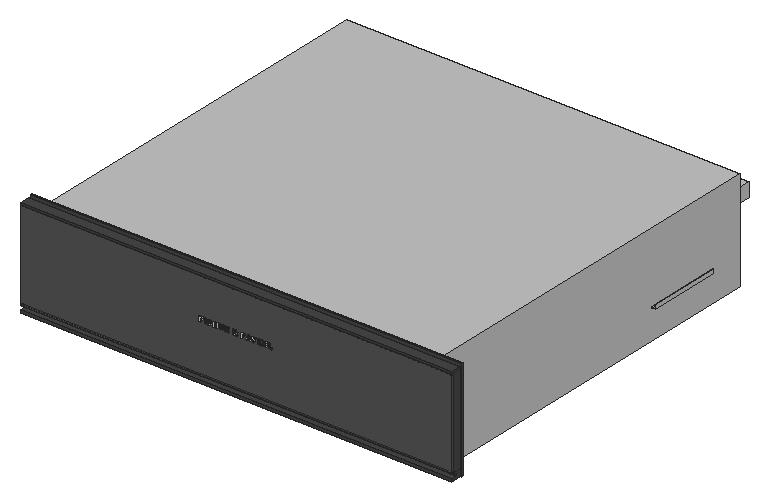
Revit family "FP_Revit_18_VB60SDEB1_Vacuum_Drawer_9000xxxxA", category Specialty Equipment, Revit 2018
Family settings
  Round Connector Dimension = Use Diameter
  Part Type = Normal
  OmniClass Number = 23.40.40.00
  OmniClass Title = Food Service Equipment and Furnishings
  Work Plane-Based = No
  Always vertical = Yes
  Cut with Voids When Loaded = Yes
  Shared = No
  Room Calculation Point = No
Parameters (values of type "VB60SDEB1")
  Visibility - Clearance Required = yes
  URL = "www.fisherpaykel.com"
  Product - Width = 596 mm  # constant formula
  Product - Height = 140 mm  # constant formula
  Product - Depth = 567 mm  # constant formula
  Model = "VB60SDEB1"
  Material - Trim = Fisher & Paykel - Black
  Material - Structure = Fisher & Paykel - Black
  Material - Glass = Fisher & Paykel - Glass, Black
  Material - Body = Fisher & Paykel - Grey
  Manufacturer = "Fisher & Paykel Appliances"
  FFL Offset [instance] = 740 mm
  Description = "60cm Vacuum Drawer"
  Connector Description - Electrical = "220-240 V, 50/60 Hz, 10 A"
  Chassis - Width = 543 mm  # constant formula
  Chassis - Height = 140 mm  # constant formula
  Chassis - Depth = 547 mm  # constant formula
  Cavity - Width = 560 mm  # constant formula
  Cavity - Height = 142 mm  # constant formula
  Cavity - Depth = 550 mm  # constant formula
Reference planes
  plane 1 "Center (Front/Back)": y = 0
  plane 2: z = 0
  plane 3 "Center (Left/Right)": x = 0
  plane 4: z = 882
  plane 5: z = 880
  plane 6 "Product LHS": x = -298
  plane 7 "Product RHS": x = 298
  plane 8 "Product - Depth": y = 536
  plane 9 "Cavity LHS": x = -300
  plane 10 "Cavity RHS": x = 300
  plane 11 "Cavity - Depth": y = 550
  plane 12 "Front Face": y = -20
  plane 13 "FFL Offset": z = 740
Forms (mm)
  Extrusion 1, solid, material "Fisher & Paykel - Grey" <- "Material - Body"
    sketch origin (0, 0, 0) x (0, 1, 0) y (0, 0, 1)
      loop
        line (0, 880) -> (0, 740) -> (512, 740) -> (512, 880) -> (0, 880)
    from -271.5 to 271.5
  Extrusion 2, solid, material "Fisher & Paykel - Black" <- "Material - Structure", detail levels fine
    sketch origin (0, 0, 0) x (0, 1, 0) y (0, 0, 1)
      loop
        line (-6, 875) -> (-16, 875) -> (-16, 751.6) -> (-6, 751.6) -> (-6, 875)
    from -298 to 298
  Extrusion 3, solid, material "Fisher & Paykel - Black" <- "Material - Structure", detail levels fine
    sketch origin (0, 0, 0) x (0, 1, 0) y (0, 0, 1)
      loop
        line (-2, 880) -> (-2, 740) -> (0, 740) -> (0, 880) -> (-2, 880)
    from -298 to 298
  Extrusion 4, solid, material "Fisher & Paykel - Black" <- "Material - Trim", detail levels fine
    sketch origin (0, 0, 0) x (0, 1, 0) y (0, 0, 1)
      loop
        line (-11, 748.6) -> (-11, 745) -> (-20, 745) -> (-20, 742) -> (-6, 742) -> (-6, 751.6) -> (-18.226, 751.6) -> (-14.6, 748.6) -> (-11, 748.6)
    from -298 to 298
  Extrusion 5, solid, material "Fisher & Paykel - Grey" <- "Material - Body", detail levels fine
    sketch origin (0, 0, 0) x (0, 1, 0) y (0, 0, 1)
      loop
        line (-6, 875) -> (-6, 745) -> (-2, 745) -> (-2, 875) -> (-6, 875)
    from -258.5 to 258.5
  Extrusion 6, solid, material "Fisher & Paykel - Grey" <- "Material - Body"
    sketch origin (0, 0, 0) x (1, 0, 0) y (0, 0, 1)
      loop
        line (255, 849) -> (230, 849) -> (230, 830) -> (255, 830) -> (255, 849)
    from -547 to -512
  Extrusion 7, solid, material "Fisher & Paykel - Grey" <- "Material - Body"
    sketch origin (0, 0, 0) x (0, 1, 0) y (0, 0, 1)
      loop
        circle (537, 839.5) r 8
    from 190 to 230
  Extrusion 8, solid, material "Fisher & Paykel - Glass, Black" <- "Material - Glass", detail levels fine
    sketch origin (0, 0, 0) x (1, 0, 0) y (0, 0, 1)
      loop
        arc (-296, 875) -> (-297.414, 874.414) -> (-298, 873) r 2
        line (-298, 873) -> (-298, 753.6)
        arc (-298, 753.6) -> (-297.414, 752.186) -> (-296, 751.6) r 2
        line (-296, 751.6) -> (295.982, 751.6)
        arc (295.982, 751.6) -> (297.409, 752.191) -> (298, 753.618) r 2.018
        line (298, 753.618) -> (298, 873)
        arc (298, 873) -> (297.414, 874.414) -> (296, 875) r 2
        line (296, 875) -> (-296, 875)
    from 16 to 20
  Extrusion 9, solid, material "Fisher & Paykel - Clearance Required", visible <- "Visibility - Clearance Required", detail levels coarse
    sketch origin (0, 0, 0) x (1, 0, 0) y (0, 1, 0)
      loop
        line (-280, 0) -> (280, 0) -> (280, 550) -> (-280, 550) -> (-280, 0)
    from 740 to 882
  Extrusion 10, solid, material "Fisher & Paykel - Clearance Required", visible <- "Visibility - Clearance Required", detail levels coarse
    sketch origin (0, 0, 0) x (0, 1, 0) y (0, 0, 1)
      loop
        line (0, 882) -> (-434, 882) -> (-434, 740) -> (0, 740) -> (0, 882)
    from -300 to 300
  Extrusion 11, solid, material "Fisher & Paykel - Glass, Black" <- "Material - Glass", detail levels coarse+medium
    sketch origin (0, 0, 0) x (0, 1, 0) y (0, 0, 1)
      loop
        line (-20, 878) -> (-20, 740) -> (0, 740) -> (0, 878) -> (-20, 878)
    from -298 to 298
  Extrusion 12, solid, material "Fisher & Paykel - Black" <- "Material - Trim", detail levels fine
    sketch origin (0, 0, 0) x (0, 1, 0) y (0, 0, 1)
      loop
        line (-6, 878) -> (-20, 878) -> (-20, 875) -> (-6, 875) -> (-6, 878)
    from -298 to 298
  Extrusion 13, void
    sketch origin (0, 0, 0) x (1, 0, 0) y (0, 1, 0)
      loop
        line (-280, 0) -> (280, 0) -> (280, 550) -> (-280, 550) -> (-280, 0)
    from 740 to 882
  Extrusion 14, void
    sketch origin (0, 0, 0) x (0, 1, 0) y (0, 0, 1)
      loop
        line (0, 882) -> (-20, 882) -> (-20, 740) -> (0, 740) -> (0, 882)
    from -300 to 300
  Extrusion 15, solid, material "Fisher & Paykel - Grey" <- "Material - Body", detail levels medium+fine
    sketch origin (0, 0, 0) x (1, 0, 0) y (0, 0, 1)
      loop
        circle (-120, 813) r 22.561
    from -528 to -512
  Extrusion 16, solid, material "Fisher & Paykel - Grey" <- "Material - Body", detail levels medium+fine
    sketch origin (0, 0, 0) x (1, 0, 0) y (0, 0, 1)
      loop
        line (-277.75, 787.5) -> (-277.75, 782.5) -> (-272, 782.5) -> (-272, 783.5) -> (-276.5, 783.5) -> (-276.5, 787.5) -> (-277.75, 787.5)
      loop
        line (277.75, 787.5) -> (276.5, 787.5) -> (276.5, 783.5) -> (272, 783.5) -> (272, 782.5) -> (277.75, 782.5) -> (277.75, 787.5)
    from -458 to -358
Text (mm)
  text "Due to ongoing product development, product details are subject to change without notice. \nPlease always refer to www.fisherpaykel.com for the most current product information. \n© Fisher & Paykel 2020" at (41.04, -543.295, 0), in view "Ref. Level (Plan)"
Dimensions and locks
  equal spacing: plane 6 "Product LHS", plane 3 "Center (Left/Right)", plane 7 "Product RHS"
  "Product - Width": plane 6 "Product LHS" to plane 7 "Product RHS"
  equal spacing: plane 9 "Cavity LHS", plane 3 "Center (Left/Right)", plane 10 "Cavity RHS"
  "Cavity - Depth": plane 11 "Cavity - Depth" to plane 1 "Center (Front/Back)"
  locked: plane 12 "Front Face" to plane 1 "Center (Front/Back)" at 20
  equal spacing: Extrusion 1, plane 3 "Center (Left/Right)", Extrusion 1
  "Chassis - Width": Extrusion 1 to Extrusion 1
  equal spacing: Extrusion 9, plane 3 "Center (Left/Right)", Extrusion 9
  "Cavity - Width": Extrusion 9 to Extrusion 9
  "FFL Offset": plane 13 "FFL Offset" to level
  "Cavity - Height": plane 4 to plane 13 "FFL Offset"
  "Product - Height": plane 5 to plane 13 "FFL Offset"
  "Chassis - Height": Extrusion 1 to plane 13 "FFL Offset"
  "Product - Depth": Extrusion 6 to plane 12 "Front Face"
  "Chassis - Depth": Extrusion 6 to plane 1 "Center (Front/Back)"
  locked: Extrusion 2 sketch curve to plane 13 "FFL Offset" at 11.6
  locked: nested 1 to plane 13 "FFL Offset" at 78.891
  locked: Extrusion 10 to plane 12 "Front Face" at 414
  locked: Extrusion 16 sketch curve to plane 13 "FFL Offset" at 42.5
  aligned and locked: level to plane 2
  aligned and locked: Extrusion 8 to plane 12 "Front Face"
  aligned and locked: Extrusion 5 to Extrusion 2
  aligned and locked: plane 4 to Extrusion 9
  aligned and locked: plane 13 "FFL Offset" to Extrusion 3 sketch curve
  aligned and locked: Extrusion 8 to Extrusion 4
  aligned and locked: Extrusion 4 to plane 12 "Front Face"
  aligned and locked: Extrusion 2 to Extrusion 8
  aligned and locked: Extrusion 12 to plane 12 "Front Face"
  aligned and locked: Extrusion 1 to plane 13 "FFL Offset"
  aligned and locked: plane 5 to Extrusion 1
  aligned and locked: Extrusion 12 to plane 7 "Product RHS"
  aligned and locked: plane 6 "Product LHS" to Extrusion 12
  aligned and locked: Extrusion 11 to plane 13 "FFL Offset"
  aligned and locked: Extrusion 10 to plane 13 "FFL Offset"
  aligned and locked: Extrusion 9 to plane 13 "FFL Offset"
  aligned and locked: plane 4 to Extrusion 13
  aligned and locked: Extrusion 13 to plane 13 "FFL Offset"
  aligned and locked: Extrusion 15 to Extrusion 1
  aligned and locked: Extrusion 13 to Extrusion 9  (x2)
Automatic sketch dimensions
  Extrusion 1 sketch curve to plane 1 "Center (Front/Back)" = 0 mm
  Extrusion 1 sketch curve to plane 13 "FFL Offset" = 0 mm
  Extrusion 1 sketch curve to plane 5 = 0 mm
  Extrusion 1 sketch curve to plane 8 "Product - Depth" = 24 mm
  plane 12 "Front Face" to Extrusion 2 sketch curve = 4 mm
  plane 1 "Center (Front/Back)" to Extrusion 2 sketch curve = 6 mm
  Extrusion 2 sketch curve to plane 5 = 5 mm
  Extrusion 3 sketch curve to plane 5 = 0 mm
  Extrusion 3 sketch curve to plane 1 "Center (Front/Back)" = 0 mm
  plane 1 "Center (Front/Back)" to Extrusion 3 sketch curve = 2 mm
  Extrusion 4 sketch curve to plane 12 "Front Face" = 0 mm
  plane 12 "Front Face" to Extrusion 4 sketch curve = 1.774 mm
  Extrusion 4 sketch curve to Extrusion 4 sketch curve = 3.626 mm
  Extrusion 4 sketch curve to Extrusion 4 sketch curve = 3.6 mm  (x2)
  Extrusion 4 sketch curve to Extrusion 4 sketch curve = 5 mm
  plane 13 "FFL Offset" to Extrusion 4 sketch curve = 2 mm
  Extrusion 4 sketch curve to Extrusion 4 sketch curve = 3 mm  (x2)
  plane 1 "Center (Front/Back)" to Extrusion 5 sketch curve = 6 mm
  plane 1 "Center (Front/Back)" to Extrusion 5 sketch curve = 2 mm
  plane 13 "FFL Offset" to Extrusion 5 sketch curve = 5 mm
  Extrusion 5 sketch curve to plane 5 = 5 mm
  Extrusion 6 sketch curve to plane 5 = 31 mm
  plane 7 "Product RHS" to Extrusion 6 sketch curve = 68 mm
  Extrusion 6 sketch curve to Extrusion 6 sketch curve = 25 mm
  Extrusion 6 sketch curve to Extrusion 6 sketch curve = 19 mm
  plane 8 "Product - Depth" to Extrusion 7 sketch curve = 1 mm
  Extrusion 7 sketch curve to plane 5 = 40.5 mm
  plane 6 "Product LHS" to Extrusion 8 sketch curve = 0 mm
  plane 7 "Product RHS" to Extrusion 8 sketch curve = 0 mm
  Extrusion 8 sketch curve to plane 6 "Product LHS" = 2 mm  (x2)
  plane 7 "Product RHS" to Extrusion 8 sketch curve = 2.018 mm
  Extrusion 8 sketch curve to Extrusion 8 sketch curve = 2 mm
  plane 13 "FFL Offset" to Extrusion 8 sketch curve = 11.6 mm
  Extrusion 8 sketch curve to plane 5 = 7 mm
  Extrusion 9 sketch curve to plane 11 "Cavity - Depth" = 0 mm
  plane 1 "Center (Front/Back)" to Extrusion 9 sketch curve = 0 mm
  Extrusion 9 sketch curve to plane 6 "Product LHS" = 18 mm
  plane 7 "Product RHS" to Extrusion 9 sketch curve = 18 mm
  Extrusion 10 sketch curve to plane 4 = 0 mm
  Extrusion 10 sketch curve to plane 13 "FFL Offset" = 0 mm
  Extrusion 10 sketch curve to plane 1 "Center (Front/Back)" = 0 mm
  Extrusion 10 sketch curve to plane 12 "Front Face" = 414 mm
  Extrusion 11 sketch curve to plane 12 "Front Face" = 0 mm
  Extrusion 11 sketch curve to plane 1 "Center (Front/Back)" = 0 mm
  Extrusion 11 sketch curve to plane 13 "FFL Offset" = 0 mm
  Extrusion 11 sketch curve to plane 5 = 2 mm
  Extrusion 12 sketch curve to plane 12 "Front Face" = 0 mm
  plane 1 "Center (Front/Back)" to Extrusion 12 sketch curve = 6 mm
  Extrusion 12 sketch curve to plane 5 = 5 mm
  Extrusion 12 sketch curve to plane 5 = 2 mm
  Extrusion 13 sketch curve to plane 11 "Cavity - Depth" = 0 mm
  plane 1 "Center (Front/Back)" to Extrusion 13 sketch curve = 0 mm
  Extrusion 13 sketch curve to plane 6 "Product LHS" = 18 mm
  plane 7 "Product RHS" to Extrusion 13 sketch curve = 18 mm
  Extrusion 14 sketch curve to plane 4 = 0 mm
  Extrusion 14 sketch curve to plane 13 "FFL Offset" = 0 mm
  Extrusion 14 sketch curve to plane 1 "Center (Front/Back)" = 0 mm
  Extrusion 14 sketch curve to plane 12 "Front Face" = 0 mm
  Extrusion 15 sketch curve to plane 3 "Center (Left/Right)" = 120 mm
  Extrusion 15 sketch curve to plane 5 = 67 mm
  Extrusion 16 sketch curve to plane 6 "Product LHS" = 20.25 mm
  Extrusion 16 sketch curve to Extrusion 16 sketch curve = 1.25 mm  (x2)
  Extrusion 16 sketch curve to Extrusion 16 sketch curve = 4.5 mm  (x2)
  plane 7 "Product RHS" to Extrusion 16 sketch curve = 26 mm
  plane 13 "FFL Offset" to Extrusion 16 sketch curve = 42.5 mm
  Extrusion 16 sketch curve to Extrusion 16 sketch curve = 1 mm  (x2)
  Extrusion 16 sketch curve to Extrusion 16 sketch curve = 4 mm  (x2)
  radius of Extrusion 7 sketch curve = 8 mm
  radius of Extrusion 15 sketch curve = 22.561 mm
Nested families
  nested 1: "F&P Logo 100mm" at (0.045, -20, 819), type "Grey"
Connectors
  electrical at (190, 537, 839.5), driven by "Connector Description - Electrical"
    settings: on Extrusion 7, index 1, voltage 230 V, apparent load 0 VA, apparent load phase1 0 VA, apparent load phase2 0 VA, apparent load phase3 0 VA, power factor 1, load classification "Other", number of poles 1, system type 30, power factor state 1, is connector primary yes, connector utility no, sub classification motor no, connector description "220-240 V, 50/60 Hz, 10 A"
Definition of nested family "F&P Logo 100mm"
  Parameters (values of type "Grey")
    URL = "www.fisherpaykel.com"
    Material - Logo = none
    Manufacturer = "Fisher & Paykel Appliances"
  Types (2): name
    Chrome
    Grey
  Reference planes
    plane 1 "Center (Front/Back)": y = 0
    plane 2: z = 0
    plane 3 "Center (Left/Right)": x = 0
  Forms (mm)
    Extrusion 1, solid, material <- "Material - Logo", detail levels fine
      sketch origin (0, 0, 0) x (1, 0, 0) y (0, 0, 1)
        loop
          line (-50.044, 0) -> (-48.47, 0) -> (-48.47, 2.138) -> (-46.011, 2.138) -> (-46.011, 3.472) -> (-48.47, 3.472) -> (-48.47, 4.712) -> (-45.795, 4.712) -> (-45.795, 6.04) -> (-50.044, 6.04) -> (-50.044, 0)
        loop
          line (-42.804, 6.04) -> (-42.804, 0) -> (-41.23, 0) -> (-41.23, 6.04) -> (-42.804, 6.04)
        loop
          line (-30.724, 6.04) -> (-30.724, 0) -> (-29.151, 0) -> (-29.151, 2.42) -> (-26.839, 2.42) -> (-26.839, 0) -> (-25.265, 0) -> (-25.265, 6.04) -> (-26.839, 6.04) -> (-26.839, 3.748) -> (-29.151, 3.748) -> (-29.151, 6.04) -> (-30.724, 6.04)
        loop
          line (-21.906, 6.04) -> (-21.906, 0) -> (-17.602, 0) -> (-17.602, 1.328) -> (-20.347, 1.328) -> (-20.347, 2.42) -> (-17.838, 2.42) -> (-17.838, 3.748) -> (-20.347, 3.748) -> (-20.347, 4.712) -> (-17.602, 4.712) -> (-17.602, 6.04) -> (-21.906, 6.04)
        loop
          line (45.667, 6.04) -> (45.667, 0) -> (49.956, 0) -> (49.956, 1.328) -> (47.241, 1.328) -> (47.241, 6.04) -> (45.667, 6.04)
        loop
          line (42.431, 6.04) -> (38.112, 6.04) -> (38.112, 0) -> (42.431, 0) -> (42.431, 1.328) -> (39.687, 1.328) -> (39.687, 2.42) -> (42.195, 2.42) -> (42.195, 3.748) -> (39.687, 3.748) -> (39.687, 4.712) -> (42.431, 4.712) -> (42.431, 6.04)
        loop
          line (33.451, 3.148) -> (35.683, 6.04) -> (33.844, 6.04) -> (31.915, 3.542) -> (31.915, 6.04) -> (30.342, 6.04) -> (30.342, 0) -> (31.915, 0) -> (31.915, 2.705) -> (33.903, 0) -> (35.763, 0) -> (33.451, 3.148)
        loop
          line (21.98, 6.04) -> (24.262, 2.42) -> (24.262, 0) -> (25.837, 0) -> (25.837, 2.341) -> (28.119, 6.04) -> (26.446, 6.04) -> (25.099, 3.707) -> (23.753, 6.04) -> (21.98, 6.04)
        loop
          line (18.479, 6.04) -> (16.983, 6.04) -> (14.524, 0) -> (16.069, 0) -> (16.501, 1.112) -> (18.921, 1.112) -> (19.354, 0) -> (20.938, 0) -> (18.479, 6.04)
        loop
          line (18.4, 2.439) -> (17.693, 4.174) -> (17.018, 2.439) -> (18.4, 2.439)
        loop
          line (8.031, 6.04) -> (8.031, 0) -> (9.605, 0) -> (9.605, 1.938) -> (10.599, 1.938)
          arc (10.599, 1.938) -> (12.65, 3.989) -> (10.599, 6.04) r 2.051
          line (10.599, 6.04) -> (8.031, 6.04)
        loop
          line (9.605, 4.712) -> (9.605, 3.197) -> (10.501, 3.197)
          arc (10.501, 3.197) -> (11.259, 3.954) -> (10.501, 4.712) r 0.757
          line (10.501, 4.712) -> (9.605, 4.712)
        loop
          line (-11.783, 6.04) -> (-14.366, 6.04) -> (-14.366, 0) -> (-12.792, 0) -> (-12.792, 1.336) -> (-11.992, 1.336) -> (-10.972, 0) -> (-9.153, 0) -> (-10.694, 1.973)
          arc (-10.694, 1.973) -> (-9.678, 4.424) -> (-11.783, 6.04) r 2.179
        loop
          line (-11.897, 4.712) -> (-12.792, 4.712) -> (-12.792, 3.053) -> (-11.897, 3.053)
          arc (-11.897, 3.053) -> (-11.068, 3.882) -> (-11.897, 4.712) r 0.83
        loop
          line (0.477, 4.712) -> (0.477, 6.153) -> (-3.575, 6.153) -> (-3.575, 4.851) -> (-2.974, 4.112)
          arc (-2.974, 4.112) -> (-3.51, 0.684) -> (-0.045, 0.512) r 2.334
          line (-0.045, 0.512) -> (0.46, -0.109) -> (2.246, -0.109) -> (0.86, 1.594) -> (2.061, 3.324) -> (0.443, 3.324) -> (-0.013, 2.667) -> (-1.677, 4.712) -> (0.477, 4.712)
        loop
          arc (-2.125, 3.068) -> (-2.269, 1.668) -> (-0.868, 1.524) r 0.996
          line (-0.868, 1.524) -> (-2.125, 3.068)
        loop
          line (-35.18, 3.634) -> (-36.516, 3.91)
          arc (-36.516, 3.91) -> (-37.049, 4.443) -> (-36.516, 4.976) r 0.533
          arc (-36.516, 4.976) -> (-35.235, 4.79) -> (-34.059, 4.248) r 4.505
          line (-34.059, 4.248) -> (-34.059, 5.743)
          arc (-34.059, 5.743) -> (-35.549, 6.179) -> (-37.1, 6.109) r 4.726
          arc (-37.1, 6.109) -> (-38.536, 4.335) -> (-37.1, 2.561) r 1.814
          line (-37.1, 2.561) -> (-35.754, 2.282)
          arc (-35.754, 2.282) -> (-35.221, 1.749) -> (-35.754, 1.216) r 0.533
          arc (-35.754, 1.216) -> (-37.035, 1.402) -> (-38.211, 1.945) r 4.505
          line (-38.211, 1.945) -> (-38.211, 0.449)
          arc (-38.211, 0.449) -> (-36.72, 0.013) -> (-35.169, 0.083) r 4.726
          arc (-35.169, 0.083) -> (-33.734, 1.863) -> (-35.18, 3.634) r 1.814
      from 0 to 0.8
  Dimensions and locks
    aligned and locked: level to plane 2
